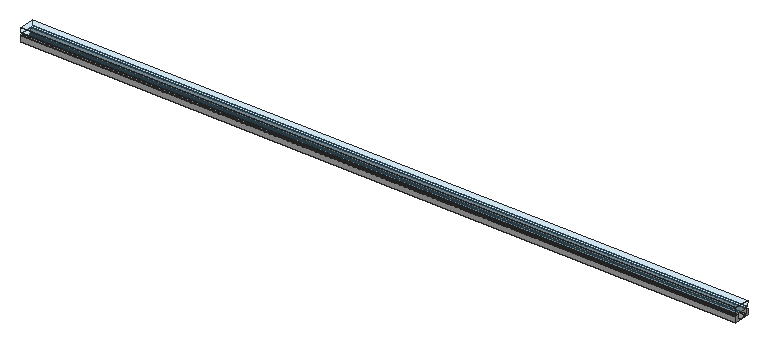
Revit family "LC1501", category Luminarias, Revit 2019
Family settings
  Cota de conector redondo = Diámetro de uso
  Tipo de pieza = Normal
  Se basa en plano de trabajo = Sí
  Siempre vertical = No
  Corte con vacíos al cargar = No
  Origen de luz = No
  Compartido = Sí
  Punto de cálculo de habitación = No
Parameters (values of type "PERFIL_LC1501")
  Tapa Final 1501.1 = 1
  Solera 1501.3 = (Longitud / 1000 mm) * (1)  # 1
  Perfil de Aluminio LTB-1501 = (Longitud / 1000 mm) * (1)  # 1
  Keynote = ""
  Modelo = "LC1501"
  Lamp = ""
  Longitud = 1000 mm
  Fabricante = "BRILLANT"
  Default Elevation = 1219.2 mm
  Descripción = "PERFIL DE ALUMINIO CON DIFUSOR LECHOSO DE 8MM EFECTO NEON, PARA ALOJAR TIRA LUMINOSA DE HASTA 17MM DE ANCHO. INSTALACION EMPOTRADO PARA PISO CON PERFIL DE PROTECCION. IDEAL PARA ATENUAR EL BRILLO E INCORPORAR LA LUZ AL AMBIENTE.PRESENTACION DE 1 METRO. IK10, REQUEIRE ACCESORIOS COMO TAPA FINAL PARA EXTREMOS Y CLIPS DE SUJECION (CONSIDERAR 4 PZAS POR 1.0M), SOLERA Y PERFIL DE ALUMINIO."
  Costo USD_LC1501 [instance] = (Longitud / 1000 mm) * (30)  # 30
  Wattage Comments = ""
  Clips de Sujecion 1501.2 = (Longitud / 1000 mm) * (3)  # 3
Reference planes
  plane 1 "Centro (Frontal/Posterior)": y = 0
  plane 2: z = 0
  plane 3 "Centro (Izquierda/Derecha)": x = 0
  plane 4: x = -1000
Forms (mm)
  Extrusion 1, solid, material "Aluminio"
    sketch origin (37.527, 0, 32.853) x (0, 0, 1) y (0, -1, 0)
      loop
        line (-32.853, -10.5) -> (-25.083, -10.5) -> (-25.083, -9.223) -> (-23.853, -9.223) -> (-23.853, -8.423) -> (-30.053, -8.423) -> (-30.053, -6.245) -> (-30.853, -6.245) -> (-30.853, -8.5) -> (-32.054, -8.5) -> (-32.054, 8.5) -> (-30.853, 8.5) -> (-30.853, 6.245) -> (-30.053, 6.245) -> (-30.053, 8.423) -> (-23.853, 8.423) -> (-23.853, 9.7) -> (-25.083, 9.7) -> (-25.083, 10.5) -> (-32.853, 10.5) -> (-32.853, -10.5)
    from -1037.527 to -37.527
  Extrusion 2, solid, material "Difusor Lechoso"
    sketch origin (22.394, 0, 27.494) x (0, 0, 1) y (0, -1, 0)
      loop
        line (-9.494, -10.5) -> (-9.494, 10.5) -> (-16.418, 10.5) -> (-18.494, 8.423) -> (-18.494, -8.423) -> (-16.418, -10.5) -> (-9.494, -10.5)
    from -1022.394 to -22.394
Dimensions and locks
  "Longitud": plane 3 "Centro (Izquierda/Derecha)" to plane 4
  "Longitud": plane 4 to plane 3 "Centro (Izquierda/Derecha)"
  Extrusion 1 sketch curve to Extrusion 1 sketch curve = 2 mm
  Extrusion 1 sketch curve to Extrusion 1 sketch curve = 17 mm
  Extrusion 1 sketch curve to Extrusion 1 sketch curve = 21 mm
  Extrusion 1 sketch curve to Extrusion 1 sketch curve = 9 mm
  Extrusion 2 sketch curve to level = 18 mm
  Extrusion 2 to Extrusion 1 = 18 mm
  Extrusion 1 to Extrusion 1 = 21 mm
  Extrusion 1 to Extrusion 1 = 17 mm
  Extrusion 1 to Extrusion 1 = 2 mm
  Extrusion 1 to Extrusion 1 = 9 mm
  aligned and locked: level to plane 2
  aligned and locked: plane 4 to Extrusion 1
  aligned and locked: plane 3 "Centro (Izquierda/Derecha)" to Extrusion 1
  aligned and locked: plane 4 to Extrusion 2
  aligned and locked: plane 3 "Centro (Izquierda/Derecha)" to Extrusion 2
Automatic sketch dimensions
  level to Extrusion 1 sketch curve = 0 mm
  Extrusion 1 sketch curve to Extrusion 1 sketch curve = 0.799 mm
  Extrusion 1 sketch curve to Extrusion 1 sketch curve = 1.201 mm
  Extrusion 1 sketch curve to Extrusion 1 sketch curve = 0.8 mm  (x3)
  Extrusion 1 sketch curve to Extrusion 1 sketch curve = 4.97 mm
  Extrusion 1 sketch curve to Extrusion 1 sketch curve = 1.23 mm  (x2)
  Extrusion 1 sketch curve to plane 1 "Centro (Frontal/Posterior)" = 10.5 mm
  Extrusion 1 sketch curve to Extrusion 1 sketch curve = 1.277 mm  (x2)
  Extrusion 1 sketch curve to Extrusion 1 sketch curve = 2 mm
  Extrusion 1 sketch curve to Extrusion 1 sketch curve = 0.077 mm
  Extrusion 1 sketch curve to Extrusion 1 sketch curve = 2.255 mm
  Extrusion 1 sketch curve to Extrusion 1 sketch curve = 2.178 mm
  Extrusion 2 sketch curve to Extrusion 2 sketch curve = 6.923 mm  (x2)
  Extrusion 2 sketch curve to Extrusion 2 sketch curve = 2.077 mm  (x3)
  Extrusion 2 sketch curve to plane 1 "Centro (Frontal/Posterior)" = 10.5 mm
  plane 1 "Centro (Frontal/Posterior)" to Extrusion 2 sketch curve = 8.423 mm
